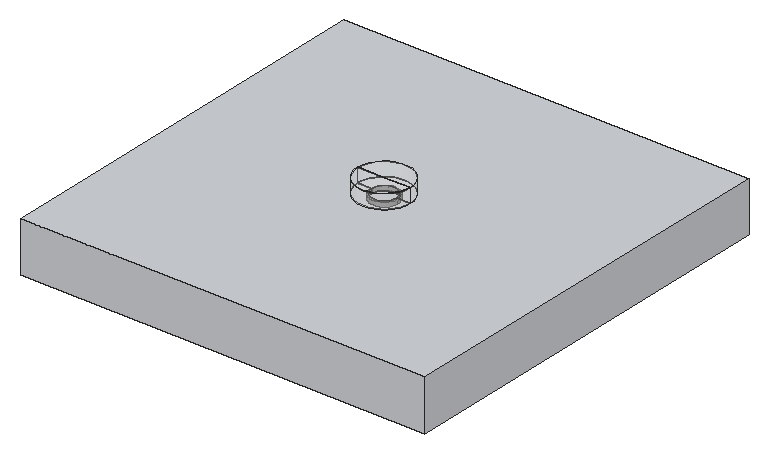
Revit family "LE_D_RU_Sicherheitsleuchte_Anbau_V1700", category Leuchten, Revit 2017
Family settings
  Basisbauteil = Fläche
  Bemaßung runder Anschluss = Durchmesser verwenden
  Teiletyp = Normal
  OmniClass-Nummer = 23.80.70.11.21
  OmniClass-Titel = Emergency Lighting
  Beim Laden mit Abzugskörper schneiden = Nein
  Lichtquelle = Ja
  Gemeinsam genutzt = Nein
  Raumberechnungspunkt = Nein
Parameters (values of type "Sicherheitsleuchte_allg")
  pbr_Material_KZ = ""
  pbr_Material = none
  pbr_E_Typ = ""
  pbr_E_KZ = ""
  pbr_DINBild = 0
  pbr_Bild = 0
  Zentrale [instance] = ""
  Wirkleistung [instance] = 0 W
  Wattage = 100 W
  Typ = ""
  Text3 = ""
  Text2 = ""
  Text1 = ""
  built-in parameter 1150110 = 1 (stored number, unit not read)
  built-in parameter 1150109 = 1 (stored number, unit not read)
  built-in parameter 1150134 = 4
  built-in parameter 1150113 = 1 (stored number, unit not read)
  Spannung [instance] = 0
  Scheinleistung [instance] = 0 VA
  Schaltgruppe2 [instance] = 0
  Schaltgruppe1 [instance] = 0
  Radius Lampe = 160 mm
  Planungsbüro Rohling = ""
  Neigungswinkel = -90.00°
  Menge(Dosenzahl) = 0
  Linie/Anschluss [instance] = ""
  Lampentyp [instance] = ""
  Kommentar zur Wattzahl [instance] = ""
  Installationsart [instance] = ""
  Info = ""
  Gewerk [instance] = "SIBEL"
  built-in parameter 1010507 = 1.5708 (stored number, unit not read)
  built-in parameter 1010506 = 0.5236 (stored number, unit not read)
  built-in parameter 1150115 = 1 (stored number, unit not read)
  built-in parameter 1150105 = 5851.2 (stored number, unit not read)
  Lastklassifizierung = Beleuchtung
  Light Source Symbol Length = 3048 mm
  built-in parameter 1150137 = 1
  built-in parameter 1150139 = (empty or 0)
  Lichtboxmaterial = Metall - Oberfläche lackiert - Dunkelgrau, matt
  built-in parameter 1150112 = 1 (stored number, unit not read)
  built-in parameter 1150114 = 1 (stored number, unit not read)
  built-in parameter 1150132 = (empty or 0)
  built-in parameter 1150102 = (empty or 0)
  built-in parameter 1150138 = (empty or 0)
  built-in parameter 1150107 = 2800 (stored number, unit not read)
  built-in parameter 1150106 = 58.512 (stored number, unit not read)
  Von Kreisdurchmesser aussenden = 248 mm  # constant formula
  Emit Shape Visible in Rendering = no
  built-in parameter 1150104 = 1.6258 (stored number, unit not read)
  Dimming Lamp Color Temperature Shift = (empty or 0)
  Diffusormaterial = Glas - Weiß, hohe Luminanz
  Lumens = 1750 lm
  built-in parameter 1114217 = 0.88 (stored number, unit not read)
  Lamp = ""
  Vorgabe-Ansicht = 1200 mm
  Color Filter = 16777215
  built-in parameter 1140040 [instance] = 1
  Spannung Vorschaltgerät = 230 V
  Phasen Vorschaltgerät = 1
  built-in parameter 1114218 = 0.88 (stored number, unit not read)
  Länge des Lichtquellensymbols = 3048 mm
  Baugruppenkennzeichen = "D5020220"
  Scheinlast = 0 VA
Reference planes
  plane 1 "Mitte (Vorne/Hinten)": y = 0
  plane 2: z = 0
  plane 3 "Mitte (Links/Rechts)": x = 0
  plane 4: z = 25.4
  plane 5: z = 114.3
  plane 6: x = -160
  plane 7: x = -156.825
  plane 8: z = 111.125
  plane 9: x = -76.2
  plane 10: x = -73.025
  plane 11: z = 28.575
Forms (mm)
  Extrusion 1, solid
    sketch origin (0, 0, 0) x (1, 0, 0) y (0, 1, 0)
      loop
        line (-1219.2, 1219.2) -> (-1219.2, -1219.2) -> (1219.2, -1219.2) -> (1219.2, 1219.2) -> (-1219.2, 1219.2)
    from 0 to -304.8
  Revolve 2, solid, material "Glas - Weiß, hohe Luminanz" <- "Diffusormaterial"
    sketch origin (0, 0, 0) x (1, 0, 0) y (0, 0, 1)
      loop
        line (0, 114.3) -> (-160, 114.3) -> (-160, 25.4) -> (-76.2, 25.4) -> (-76.2, 0) -> (-73.025, 0) -> (-73.025, 28.575) -> (-156.825, 28.575) -> (-156.825, 111.125) -> (0, 111.125) -> (0, 114.3)
      axis (0, 114.3) -> (0, 0)
    angle from 0 to 360
  Extrusion 3, solid, material "Metall - Oberfläche lackiert - Dunkelgrau, matt" <- "Lichtboxmaterial"
    sketch origin (0, 0, 0) x (1, 0, 0) y (0, 1, 0)
      loop
        circle (0, 0) r 82.55
      loop
        circle (0, 0) r 76.2
    from 0 to 25.4
Lines and regions (mm)
  model lines, style "LE-gn"
    curve 1: circle (0, 0, 0) r 160 normal (0, 0, 1)
Dimensions and locks
  locked: plane 4 to plane 2 at 25.4
  locked: plane 5 to plane 4 at 88.9
  "Radius Lampe": plane 3 "Mitte (Links/Rechts)" to plane 6
  locked: plane 7 to plane 6 at 3.175
  locked: plane 3 "Mitte (Links/Rechts)" to plane 9 at 76.2
  locked: plane 10 to plane 9 at 3.175
  locked: plane 5 to plane 8 at 3.175
  locked: plane 11 to plane 4 at 3.175
  "Radius Lampe": radius of curve 1
  aligned and locked: plane 2 to Extrusion 1
  aligned and locked: level to Extrusion 1
  aligned and locked: imposter light to plane 3 "Mitte (Links/Rechts)"
  aligned and locked: plane 1 "Mitte (Vorne/Hinten)" to imposter light
  aligned and locked: plane 1 "Mitte (Vorne/Hinten)" to Extrusion 3 sketch curve  (x2)
  aligned and locked: plane 3 "Mitte (Links/Rechts)" to Extrusion 3 sketch curve  (x2)
  aligned and locked: plane 4 to Extrusion 3
  aligned and locked: Extrusion 3 to plane 2
  aligned and locked: Revolve 2 to plane 5
  aligned and locked: Revolve 2 to plane 2
  aligned and locked: imposter light to plane 4
Automatic sketch dimensions
  Extrusion 1 sketch curve to Extrusion 1 sketch curve = 2438.4 mm  (x2)
  Revolve 2 sketch curve to plane 5 = 0 mm
  Revolve 2 sketch curve to plane 6 = 0 mm
  Revolve 2 sketch curve to plane 7 = 0 mm
  Revolve 2 sketch curve to level = 0 mm
  Revolve 2 sketch curve to plane 9 = 0 mm
  Revolve 2 sketch curve to plane 10 = 0 mm
  Revolve 2 sketch curve to plane 3 "Mitte (Links/Rechts)" = 0 mm  (x2)
  Revolve 2 sketch curve to plane 4 = 0 mm  (x2)
  Revolve 2 sketch curve to plane 11 = 0 mm
  Revolve 2 sketch curve to plane 8 = 0 mm  (x2)
  plane 1 "Mitte (Vorne/Hinten)" to curve 1 = 0 mm
  curve 1 to plane 3 "Mitte (Links/Rechts)" = 0 mm
  radius of Extrusion 3 sketch curve = 82.55 mm
  radius of Extrusion 3 sketch curve = 76.2 mm
Nested families
  nested 1: "Oval länglich" at (0, -4.607, 0), type "pbr_SchraffurKreis"
  nested 2: "Oval länglich" at (0, -54.607, 0), type "pbr_SchraffurKreis"
  nested 3: "Oval länglich" at (0, 45.393, 0), type "pbr_SchraffurKreis"
Connectors
  electrical at (0, 0, 114.3), driven by "Spannung Vorschaltgerät", driven by "Phasen Vorschaltgerät", driven by "Scheinlast", driven by "Lastklassifizierung"
    settings: on Revolve 2, index 1, voltage 230 V, apparent load 0 VA, apparent load phase1 0 VA, apparent load phase2 0 VA, apparent load phase3 0 VA, power factor 1, load classification "Beleuchtung", number of poles 1, system type 30, power factor state 1, is connector primary yes, connector utility no, sub classification motor no, connector description ""
Definition of nested family "Oval länglich"
  Parameters (values of type "pbr_SchraffurKreis")
    Rechteck sichtbar = no
    Radius Schraffur = 10 mm
    Kreis sichtbar = no
    Höhe Rechteck = 50 mm
    Dreieck sichtbar = no
    Breite Rechteck = 50 mm
  Reference planes
    plane 1 "Mitte (Vorne/Hinten)": y = 0
    plane 2: z = 0
    plane 3 "Mitte (Links/Rechts)": x = 0
  Lines and regions (mm)
    Filled region 1, type "Beton", in view "Referenzebene"
      outline origin (-0.097, 18.064, 0) x (1, 0, 0) y (0, 1, 0)
        loop
          arc (-72.56, -8.064) -> (-77.56, -13.064) -> (-72.56, -18.064) r 5
          line (-72.56, -18.064) -> (67.44, -18.064)
          arc (67.44, -18.064) -> (72.44, -13.064) -> (67.44, -8.064) r 5
          line (67.44, -8.064) -> (-72.56, -8.064)
    reference lines, in view "Referenzebene"
      curve 1: line (-160, 0, 0) -> (150, 0, 0)
    detail lines, in view "Referenzebene"
      curve 2: arc (67.343, 0, 0) -> (70.878, 1.464, 0) -> (72.343, 5, 0) r 5
      curve 3: arc (72.343, 5, 0) -> (70.878, 8.536, 0) -> (67.343, 10, 0) r 5
      curve 4: arc (-77.657, 5, 0) -> (-76.193, 1.464, 0) -> (-72.657, 0, 0) r 5
      curve 5: arc (67.343, 0, 0) -> (70.878, 1.464, 0) -> (72.343, 5, 0) r 5
      curve 6: arc (-77.657, 5, 0) -> (-76.193, 1.464, 0) -> (-72.657, 0, 0) r 5
      curve 7: line (67.343, 0, 0) -> (-72.657, 0, 0)
      curve 8: line (-72.657, 10, 0) -> (67.343, 10, 0)
